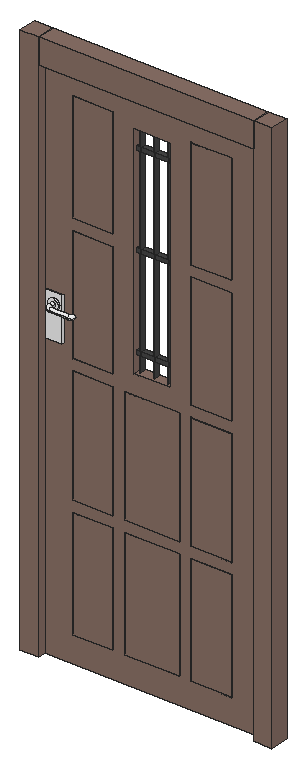
Revit family "DTI_A3-BSQTZMSOHS", category Doors, host Wall, Revit 2016
Family settings
  Host = Wall
  OmniClass Number = 23.30.10.00
  OmniClass Title = Doors
  Always vertical = Yes
  Cut with Voids When Loaded = No
  Shared = No
  Room Calculation Point = No
Parameters (values of type "BSQTZMSOHS")
  URL = "www.swartland.co.za"
  Rough Width = 923 mm
  Rough Height = 2165 mm
  Model = "BSQTZMSOHS"
  Manufacturer = "Swartland Doors & Windows"
  Function = Exterior
  Frame Width = 70 mm
  Height = 2052 mm
  Wall Closure = By host
  Width = Door Width + (Frame Width * 2)  # 953 mm
  Frame Depth = 70 mm
  Door Width = 813 mm
  Door Material = Meranti
  Door Height = 2032 mm
  Door Frame Material = Meranti
  Description = "Quartz Half Security BSQTZMSOHS"
  Cill Height = 50 mm
  Assembly Code = ""
Reference planes
  plane 1 "Centre (Front/Back)": y = 0
  plane 2 "Center (Left/Right)": x = 0
  plane 3 "Left": x = -476.5
  plane 4 "Right": x = 476.5
  plane 5: z = 2102
  plane 6 "Exterior": y = 75
  plane 7 "Interior": y = -75
  plane 8 "Frame Interior": y = -35
  plane 9 "Frame exterior": y = 35
  plane 10: z = 2032
  plane 11: x = 406.5
  plane 12: x = -406.5
  plane 13 "Centre of door": y = 15
  plane 14 "Door Face Interior": y = -5
Forms (mm)
  Extrusion 1, solid, material "Meranti" <- "Door Frame Material"
    sketch origin (0, 0, 50) x (1, 0, 0) y (0, 1, 0)
      loop
        line (-476.5, 35) -> (-476.5, -35) -> (-406.5, -35) -> (-406.5, 35) -> (-476.5, 35)
    from -50 to 2052 <- "Height"
  Extrusion 2, solid, material "Meranti" <- "Door Frame Material"
    sketch origin (0, 0, 50) x (-1, 0, 0) y (0, -1, 0)
      loop
        line (-476.5, -35) -> (-406.5, -35) -> (-406.5, 35) -> (-476.5, 35) -> (-476.5, -35)
    from -50 to 2052 <- "Height"
  Extrusion 3, solid, material "Meranti" <- "Door Frame Material"
    sketch origin (0, 0, 0) x (0, 1, 0) y (0, 0, 1)
      loop
        line (35, 2102) -> (-35, 2102) -> (-35, 2007) -> (-5, 2007) -> (-5, 2032) -> (35, 2032) -> (35, 2102)
    from 406.5 to -406.5
  Extrusion 4, solid, material "Meranti" <- "Door Material"
    sketch origin (0, 35, 0) x (0, 0, -1) y (-1, 0, 0)
      loop
        line (-2032, -406.5) -> (0, -406.5) -> (0, 406.5) -> (-2032, 406.5) -> (-2032, -406.5)
    from 0 to -40
  Extrusion 5, void
    sketch origin (0, 35, 0) x (0, 0, -1) y (-1, 0, 0)
      loop
        line (-1897, -70.5) -> (-1065.428, -70.5) -> (-1065.428, 70.5) -> (-1897, 70.5) -> (-1897, -70.5)
    from 0 to -40
  Extrusion 6, solid, material "Steel"
    sketch origin (0, 35, 0) x (0, 0, -1) y (-1, 0, 0)
      loop
        line (-1473.714, -70.5) -> (-1473.714, 70.5) -> (-1488.714, 70.5) -> (-1488.714, -70.5) -> (-1473.714, -70.5)
    from -10 to -30
  Extrusion 7, solid, material "Steel"
    sketch origin (0, 35, 346.366) x (0, 0, -1) y (-1, 0, 0)
      loop
        line (-1473.714, -70.5) -> (-1473.714, 70.5) -> (-1488.714, 70.5) -> (-1488.714, -70.5) -> (-1473.714, -70.5)
    from -10 to -30
  Extrusion 8, solid, material "Steel"
    sketch origin (0, 35, -346.366) x (0, 0, -1) y (-1, 0, 0)
      loop
        line (-1473.714, -70.5) -> (-1473.714, 70.5) -> (-1488.714, 70.5) -> (-1488.714, -70.5) -> (-1473.714, -70.5)
    from -10 to -30
  Extrusion 9, solid, material "Steel"
    sketch origin (0, 35, 0) x (0, 0, -1) y (-1, 0, 0)
      loop
        line (-1892.098, -55.5) -> (-1069.796, -55.5) -> (-1069.796, -50.5) -> (-1892.098, -50.5) -> (-1892.098, -55.5)
    from -10 to -30
  Extrusion 10, solid, material "Steel"
    sketch origin (-53, 35, 0) x (0, 0, -1) y (-1, 0, 0)
      loop
        line (-1892.098, -55.5) -> (-1069.796, -55.5) -> (-1069.796, -50.5) -> (-1892.098, -50.5) -> (-1892.098, -55.5)
    from -10 to -30
  Extrusion 11, solid, material "Steel"
    sketch origin (-106, 35, 0) x (0, 0, -1) y (-1, 0, 0)
      loop
        line (-1892.098, -55.5) -> (-1069.796, -55.5) -> (-1069.796, -50.5) -> (-1892.098, -50.5) -> (-1892.098, -55.5)
    from -10 to -30
  Extrusion 12, void
    sketch origin (0, 35, 0) x (0, 0, -1) y (-1, 0, 0)
      loop
        line (-1509.72, -302.33) -> (-1509.72, -145.53) -> (-1926.875, -145.53) -> (-1926.875, -302.33) -> (-1509.72, -302.33)
      loop
        line (-1511.68, -300.474) -> (-1511.68, -147.49) -> (-1924.915, -147.49) -> (-1924.915, -300.474) -> (-1511.68, -300.474)
    from 0 to -3
  Extrusion 13, void
    sketch origin (-447.86, 35, 0) x (0, 0, -1) y (-1, 0, 0)
      loop
        line (-1509.72, -302.33) -> (-1509.72, -145.53) -> (-1926.875, -145.53) -> (-1926.875, -302.33) -> (-1509.72, -302.33)
      loop
        line (-1511.68, -300.474) -> (-1511.68, -147.49) -> (-1924.915, -147.49) -> (-1924.915, -300.474) -> (-1511.68, -300.474)
    from 0 to -3
  Extrusion 14, void
    sketch origin (0, 35, -457.155) x (0, 0, -1) y (-1, 0, 0)
      loop
        line (-1491.72, -302.33) -> (-1491.72, -145.53) -> (-1926.875, -145.53) -> (-1926.875, -302.33) -> (-1491.72, -302.33)
      loop
        line (-1493.68, -300.474) -> (-1493.68, -147.49) -> (-1924.915, -147.49) -> (-1924.915, -300.474) -> (-1493.68, -300.474)
    from 0 to -3
  Extrusion 15, void
    sketch origin (-447.86, 35, -457.155) x (0, 0, -1) y (-1, 0, 0)
      loop
        line (-1491.72, -302.33) -> (-1491.72, -145.53) -> (-1926.875, -145.53) -> (-1926.875, -302.33) -> (-1491.72, -302.33)
      loop
        line (-1493.68, -300.474) -> (-1493.68, -147.49) -> (-1924.915, -147.49) -> (-1924.915, -300.474) -> (-1493.68, -300.474)
    from 0 to -3
  Extrusion 16, void
    sketch origin (-447.86, 35, -932.311) x (0, 0, -1) y (-1, 0, 0)
      loop
        line (-1487.72, -302.33) -> (-1487.72, -145.53) -> (-1926.875, -145.53) -> (-1926.875, -302.33) -> (-1487.72, -302.33)
      loop
        line (-1489.68, -300.474) -> (-1489.68, -147.49) -> (-1924.915, -147.49) -> (-1924.915, -300.474) -> (-1489.68, -300.474)
    from 0 to -3
  Extrusion 17, void
    sketch origin (0, 35, -932.311) x (0, 0, -1) y (-1, 0, 0)
      loop
        line (-1487.72, -302.33) -> (-1487.72, -145.53) -> (-1926.875, -145.53) -> (-1926.875, -302.33) -> (-1487.72, -302.33)
      loop
        line (-1489.68, -300.474) -> (-1489.68, -147.49) -> (-1924.915, -147.49) -> (-1924.915, -300.474) -> (-1489.68, -300.474)
    from 0 to -3
  Extrusion 18, void
    sketch origin (-251.06, 35, -932.311) x (0, 0, -1) y (-1, 0, 0)
      loop
        line (-1487.72, -356.59) -> (-1487.72, -145.53) -> (-1926.875, -145.53) -> (-1926.875, -356.59) -> (-1487.72, -356.59)
      loop
        line (-1489.68, -354.63) -> (-1489.68, -147.49) -> (-1924.915, -147.49) -> (-1924.915, -354.63) -> (-1489.68, -354.63)
    from 0 to -3
  Extrusion 19, void
    sketch origin (0, 35, -1411.466) x (0, 0, -1) y (-1, 0, 0)
      loop
        line (-1509.72, -302.33) -> (-1509.72, -145.53) -> (-1926.875, -145.53) -> (-1926.875, -302.33) -> (-1509.72, -302.33)
      loop
        line (-1511.68, -300.474) -> (-1511.68, -147.49) -> (-1924.915, -147.49) -> (-1924.915, -300.474) -> (-1511.68, -300.474)
    from 0 to -3
  Extrusion 20, void
    sketch origin (-447.86, 35, -1411.466) x (0, 0, -1) y (-1, 0, 0)
      loop
        line (-1509.72, -302.33) -> (-1509.72, -145.53) -> (-1926.875, -145.53) -> (-1926.875, -302.33) -> (-1509.72, -302.33)
      loop
        line (-1511.68, -300.474) -> (-1511.68, -147.49) -> (-1924.915, -147.49) -> (-1924.915, -300.474) -> (-1511.68, -300.474)
    from 0 to -3
  Extrusion 21, void
    sketch origin (-251.06, 35, -1411.466) x (0, 0, -1) y (-1, 0, 0)
      loop
        line (-1509.72, -356.59) -> (-1509.72, -145.53) -> (-1926.875, -145.53) -> (-1926.875, -356.59) -> (-1509.72, -356.59)
      loop
        line (-1511.68, -354.63) -> (-1511.68, -147.49) -> (-1924.915, -147.49) -> (-1924.915, -354.63) -> (-1511.68, -354.63)
    from 0 to -3
  Extrusion 22, void
    sketch origin (0, -5, 0) x (-1, 0, 0) y (0, 0, 1)
      loop
        line (-302.33, 1509.72) -> (-145.53, 1509.72) -> (-145.53, 1926.875) -> (-302.33, 1926.875) -> (-302.33, 1509.72)
      loop
        line (-300.474, 1511.68) -> (-147.49, 1511.68) -> (-147.49, 1924.915) -> (-300.474, 1924.915) -> (-300.474, 1511.68)
    from 3 to 0
  Extrusion 23, void
    sketch origin (0, -5, 0) x (-1, 0, 0) y (0, 0, 1)
      loop
        line (145.53, 1509.72) -> (302.33, 1509.72) -> (302.33, 1926.875) -> (145.53, 1926.875) -> (145.53, 1509.72)
      loop
        line (147.386, 1511.68) -> (300.37, 1511.68) -> (300.37, 1924.915) -> (147.386, 1924.915) -> (147.386, 1511.68)
    from 3 to 0
  Extrusion 24, void
    sketch origin (0, -5, 0) x (-1, 0, 0) y (0, 0, 1)
      loop
        line (-302.33, 1034.564) -> (-145.53, 1034.564) -> (-145.53, 1469.72) -> (-302.33, 1469.72) -> (-302.33, 1034.564)
      loop
        line (-300.474, 1036.524) -> (-147.49, 1036.524) -> (-147.49, 1467.76) -> (-300.474, 1467.76) -> (-300.474, 1036.524)
    from 3 to 0
  Extrusion 25, void
    sketch origin (0, -5, 0) x (-1, 0, 0) y (0, 0, 1)
      loop
        line (145.53, 1034.564) -> (302.33, 1034.564) -> (302.33, 1469.72) -> (145.53, 1469.72) -> (145.53, 1034.564)
      loop
        line (147.386, 1036.524) -> (300.37, 1036.524) -> (300.37, 1467.76) -> (147.386, 1467.76) -> (147.386, 1036.524)
    from 3 to 0
  Extrusion 26, void
    sketch origin (0, -5, 0) x (-1, 0, 0) y (0, 0, 1)
      loop
        line (145.53, 555.409) -> (302.33, 555.409) -> (302.33, 994.564) -> (145.53, 994.564) -> (145.53, 555.409)
      loop
        line (147.386, 557.369) -> (300.37, 557.369) -> (300.37, 992.604) -> (147.386, 992.604) -> (147.386, 557.369)
    from 3 to 0
  Extrusion 27, void
    sketch origin (0, -5, 0) x (-1, 0, 0) y (0, 0, 1)
      loop
        line (-302.33, 555.409) -> (-145.53, 555.409) -> (-145.53, 994.564) -> (-302.33, 994.564) -> (-302.33, 555.409)
      loop
        line (-300.474, 557.369) -> (-147.49, 557.369) -> (-147.49, 992.604) -> (-300.474, 992.604) -> (-300.474, 557.369)
    from 3 to 0
  Extrusion 28, void
    sketch origin (0, -5, 0) x (-1, 0, 0) y (0, 0, 1)
      loop
        line (-105.53, 555.409) -> (105.53, 555.409) -> (105.53, 994.564) -> (-105.53, 994.564) -> (-105.53, 555.409)
      loop
        line (-103.57, 557.369) -> (103.57, 557.369) -> (103.57, 992.604) -> (-103.57, 992.604) -> (-103.57, 557.369)
    from 3 to 0
  Extrusion 29, void
    sketch origin (0, -5, 0) x (-1, 0, 0) y (0, 0, 1)
      loop
        line (-302.33, 98.254) -> (-145.53, 98.254) -> (-145.53, 515.409) -> (-302.33, 515.409) -> (-302.33, 98.254)
      loop
        line (-300.474, 100.214) -> (-147.49, 100.214) -> (-147.49, 513.449) -> (-300.474, 513.449) -> (-300.474, 100.214)
    from 3 to 0
  Extrusion 30, void
    sketch origin (0, -5, 0) x (-1, 0, 0) y (0, 0, 1)
      loop
        line (145.53, 98.254) -> (302.33, 98.254) -> (302.33, 515.409) -> (145.53, 515.409) -> (145.53, 98.254)
      loop
        line (147.386, 100.214) -> (300.37, 100.214) -> (300.37, 513.449) -> (147.386, 513.449) -> (147.386, 100.214)
    from 3 to 0
  Extrusion 31, void
    sketch origin (0, -5, 0) x (-1, 0, 0) y (0, 0, 1)
      loop
        line (-105.53, 98.254) -> (105.53, 98.254) -> (105.53, 515.409) -> (-105.53, 515.409) -> (-105.53, 98.254)
      loop
        line (-103.57, 100.214) -> (103.57, 100.214) -> (103.57, 513.449) -> (-103.57, 513.449) -> (-103.57, 100.214)
    from 3 to 0
Cuts and joins
  Extrusion 5, Extrusion 12, Extrusion 13, Extrusion 14, Extrusion 15, Extrusion 16, Extrusion 17, Extrusion 18, Extrusion 19, Extrusion 20, Extrusion 21, Extrusion 22, Extrusion 23, Extrusion 24, Extrusion 25, Extrusion 26, Extrusion 27, Extrusion 28, Extrusion 29, Extrusion 30, Extrusion 31 cuts Extrusion 4
Lines and regions (mm)
  Opening 1
    outline origin (-3050, -75, 0) x (1, 0, 0) y (0, 0, 1)
      loop
        line (2573.5, 0) -> (3526.5, 0) -> (3526.5, 2102) -> (2573.5, 2102) -> (2573.5, 0)
  symbolic lines
    curve 1: line (406.5, -35, 0) -> (406.5, -848, 0)
    curve 2: arc (406.5, -848, 0) -> (-168.378, -609.878, 0) -> (-406.5, -35, 0) r 813
  symbolic lines, style "Elevation Swing"
    curve 3: line (376.5, 75, 50) -> (-406.5, 75, 1016)
    curve 4: line (-406.5, 75, 1016) -> (376.5, 75, 2032)
  model lines
    curve 5: line (406.5, 35, 0) -> (-406.5, 35, 0)
  model lines, style "Embossed carving"
    curve 6: arc (223.027, -5, 1907.002) -> (223.704, -5, 1907.934) -> (224.066, -5, 1909.028) r 3.748
    curve 7: arc (224.066, -5, 1909.028) -> (225.529, -5, 1907.096) -> (227.934, -5, 1906.795) r 3.118
    curve 8: arc (227.934, -5, 1906.795) -> (227.874, -5, 1905.323) -> (227.19, -5, 1904.018) r 3.36
    curve 9: arc (227.19, -5, 1904.018) -> (230.981, -5, 1902.707) -> (233.503, -5, 1905.828) r 3.491
    curve 10: arc (233.503, -5, 1905.828) -> (240.332, -5, 1903.642) -> (247.162, -5, 1905.828) r 11.764
    curve 11: arc (247.162, -5, 1905.828) -> (245.379, -5, 1903.524) -> (243.076, -5, 1901.741) r 11.531
    curve 12: arc (243.076, -5, 1901.741) -> (246.158, -5, 1900.751) -> (248.48, -5, 1898.494) r 7.098
    curve 13: arc (248.48, -5, 1898.494) -> (246.972, -5, 1895.731) -> (243.926, -5, 1894.936) r 3.966
    curve 14: arc (243.926, -5, 1894.936) -> (248.23, -5, 1886.02) -> (250.664, -5, 1876.423) r 49.267
    curve 15: arc (250.664, -5, 1876.423) -> (248.905, -5, 1866.202) -> (241.415, -5, 1859.028) r 16.574
    curve 16: arc (241.415, -5, 1859.028) -> (248.905, -5, 1851.853) -> (250.664, -5, 1841.632) r 16.574
    curve 17: arc (250.664, -5, 1841.632) -> (248.23, -5, 1832.035) -> (243.926, -5, 1823.119) r 49.267
    curve 18: arc (243.926, -5, 1823.119) -> (246.972, -5, 1822.324) -> (248.48, -5, 1819.561) r 3.966
    curve 19: arc (248.48, -5, 1819.561) -> (246.158, -5, 1817.305) -> (243.076, -5, 1816.314) r 7.098
    curve 20: arc (243.076, -5, 1816.314) -> (245.379, -5, 1814.531) -> (247.162, -5, 1812.227) r 11.531
    curve 21: arc (247.162, -5, 1812.227) -> (240.332, -5, 1814.413) -> (233.503, -5, 1812.227) r 11.764
    curve 22: arc (233.503, -5, 1812.227) -> (230.981, -5, 1815.348) -> (227.19, -5, 1814.038) r 3.491
    curve 23: arc (227.19, -5, 1814.038) -> (227.874, -5, 1812.733) -> (227.934, -5, 1811.26) r 3.36
    curve 24: arc (227.934, -5, 1811.26) -> (225.529, -5, 1810.959) -> (224.066, -5, 1809.028) r 3.118
    curve 25: arc (224.066, -5, 1809.028) -> (223.704, -5, 1810.121) -> (223.027, -5, 1811.053) r 3.748
    curve 26: arc (223.027, -5, 1907.002) -> (222.349, -5, 1907.934) -> (221.987, -5, 1909.028) r 3.748
    curve 27: arc (221.987, -5, 1909.028) -> (220.524, -5, 1907.096) -> (218.12, -5, 1906.795) r 3.118
    curve 28: arc (218.12, -5, 1906.795) -> (218.18, -5, 1905.323) -> (218.864, -5, 1904.018) r 3.36
    curve 29: arc (218.864, -5, 1904.018) -> (215.072, -5, 1902.707) -> (212.551, -5, 1905.828) r 3.491
    curve 30: arc (212.551, -5, 1905.828) -> (205.721, -5, 1903.642) -> (198.891, -5, 1905.828) r 11.764
    curve 31: arc (198.891, -5, 1905.828) -> (200.674, -5, 1903.524) -> (202.978, -5, 1901.741) r 11.531
    curve 32: arc (202.978, -5, 1901.741) -> (199.895, -5, 1900.751) -> (197.574, -5, 1898.494) r 7.098
    curve 33: arc (197.574, -5, 1898.494) -> (199.082, -5, 1895.731) -> (202.128, -5, 1894.936) r 3.966
    curve 34: arc (202.128, -5, 1894.936) -> (197.824, -5, 1886.02) -> (195.389, -5, 1876.423) r 49.267
    curve 35: arc (195.389, -5, 1876.423) -> (197.149, -5, 1866.202) -> (204.639, -5, 1859.028) r 16.574
    curve 36: arc (204.639, -5, 1859.028) -> (197.149, -5, 1851.853) -> (195.389, -5, 1841.632) r 16.574
    curve 37: arc (195.389, -5, 1841.632) -> (197.824, -5, 1832.035) -> (202.128, -5, 1823.119) r 49.267
    curve 38: arc (202.128, -5, 1823.119) -> (199.082, -5, 1822.324) -> (197.574, -5, 1819.561) r 3.966
    curve 39: arc (197.574, -5, 1819.561) -> (199.895, -5, 1817.305) -> (202.978, -5, 1816.314) r 7.098
    curve 40: arc (202.978, -5, 1816.314) -> (200.674, -5, 1814.531) -> (198.891, -5, 1812.227) r 11.531
    curve 41: arc (198.891, -5, 1812.227) -> (205.721, -5, 1814.413) -> (212.551, -5, 1812.227) r 11.764
    curve 42: arc (212.551, -5, 1812.227) -> (215.072, -5, 1815.348) -> (218.864, -5, 1814.038) r 3.491
    curve 43: arc (218.864, -5, 1814.038) -> (218.18, -5, 1812.733) -> (218.12, -5, 1811.26) r 3.36
    curve 44: arc (218.12, -5, 1811.26) -> (220.524, -5, 1810.959) -> (221.987, -5, 1809.028) r 3.118
    curve 45: arc (221.987, -5, 1809.028) -> (222.349, -5, 1810.121) -> (223.027, -5, 1811.053) r 3.748
    curve 86: arc (223.027, 35, 1763.398) -> (223.704, 35, 1764.33) -> (224.066, 35, 1765.424) r 3.748
    curve 87: arc (224.066, 35, 1765.424) -> (225.529, 35, 1763.492) -> (227.934, 35, 1763.191) r 3.118
    curve 88: arc (227.934, 35, 1763.191) -> (227.874, 35, 1761.719) -> (227.19, 35, 1760.414) r 3.36
    curve 89: arc (227.19, 35, 1760.414) -> (230.981, 35, 1759.103) -> (233.503, 35, 1762.224) r 3.491
    curve 90: arc (233.503, 35, 1762.224) -> (240.332, 35, 1760.038) -> (247.162, 35, 1762.224) r 11.764
    curve 91: arc (247.162, 35, 1762.224) -> (245.379, 35, 1759.92) -> (243.076, 35, 1758.137) r 11.531
    curve 92: arc (243.076, 35, 1758.137) -> (246.158, 35, 1757.147) -> (248.48, 35, 1754.89) r 7.098
    curve 93: arc (248.48, 35, 1754.89) -> (246.972, 35, 1752.127) -> (243.926, 35, 1751.332) r 3.966
    curve 94: arc (243.926, 35, 1751.332) -> (248.23, 35, 1742.416) -> (250.664, 35, 1732.819) r 49.267
    curve 95: arc (250.664, 35, 1732.819) -> (248.905, 35, 1722.598) -> (241.415, 35, 1715.424) r 16.574
    curve 96: arc (241.415, 35, 1715.424) -> (248.905, 35, 1708.249) -> (250.664, 35, 1698.028) r 16.574
    curve 97: arc (250.664, 35, 1698.028) -> (248.23, 35, 1688.431) -> (243.926, 35, 1679.515) r 49.267
    curve 98: arc (243.926, 35, 1679.515) -> (246.972, 35, 1678.72) -> (248.48, 35, 1675.957) r 3.966
    curve 99: arc (248.48, 35, 1675.957) -> (246.158, 35, 1673.701) -> (243.076, 35, 1672.71) r 7.098
    curve 100: arc (243.076, 35, 1672.71) -> (245.379, 35, 1670.927) -> (247.162, 35, 1668.623) r 11.531
    curve 101: arc (247.162, 35, 1668.623) -> (240.332, 35, 1670.809) -> (233.503, 35, 1668.623) r 11.764
    curve 102: arc (233.503, 35, 1668.623) -> (230.981, 35, 1671.744) -> (227.19, 35, 1670.434) r 3.491
    curve 103: arc (227.19, 35, 1670.434) -> (227.874, 35, 1669.129) -> (227.934, 35, 1667.656) r 3.36
    curve 104: arc (227.934, 35, 1667.656) -> (225.529, 35, 1667.355) -> (224.066, 35, 1665.424) r 3.118
    curve 105: arc (224.066, 35, 1665.424) -> (223.704, 35, 1666.517) -> (223.027, 35, 1667.449) r 3.748
    curve 106: arc (223.027, 35, 1763.398) -> (222.349, 35, 1764.33) -> (221.987, 35, 1765.424) r 3.748
    curve 107: arc (221.987, 35, 1765.424) -> (220.524, 35, 1763.492) -> (218.12, 35, 1763.191) r 3.118
    curve 108: arc (218.12, 35, 1763.191) -> (218.18, 35, 1761.719) -> (218.864, 35, 1760.414) r 3.36
    curve 109: arc (218.864, 35, 1760.414) -> (215.072, 35, 1759.103) -> (212.551, 35, 1762.224) r 3.491
    curve 110: arc (212.551, 35, 1762.224) -> (205.721, 35, 1760.038) -> (198.891, 35, 1762.224) r 11.764
    curve 111: arc (198.891, 35, 1762.224) -> (200.674, 35, 1759.92) -> (202.978, 35, 1758.137) r 11.531
    curve 112: arc (202.978, 35, 1758.137) -> (199.895, 35, 1757.147) -> (197.574, 35, 1754.89) r 7.098
    curve 113: arc (197.574, 35, 1754.89) -> (199.082, 35, 1752.127) -> (202.128, 35, 1751.332) r 3.966
    curve 114: arc (202.128, 35, 1751.332) -> (197.824, 35, 1742.416) -> (195.389, 35, 1732.819) r 49.267
    curve 115: arc (195.389, 35, 1732.819) -> (197.149, 35, 1722.598) -> (204.639, 35, 1715.424) r 16.574
    curve 116: arc (204.639, 35, 1715.424) -> (197.149, 35, 1708.249) -> (195.389, 35, 1698.028) r 16.574
    curve 117: arc (195.389, 35, 1698.028) -> (197.824, 35, 1688.431) -> (202.128, 35, 1679.515) r 49.267
    curve 118: arc (202.128, 35, 1679.515) -> (199.082, 35, 1678.72) -> (197.574, 35, 1675.957) r 3.966
    curve 119: arc (197.574, 35, 1675.957) -> (199.895, 35, 1673.701) -> (202.978, 35, 1672.71) r 7.098
    curve 120: arc (202.978, 35, 1672.71) -> (200.674, 35, 1670.927) -> (198.891, 35, 1668.623) r 11.531
    curve 121: arc (198.891, 35, 1668.623) -> (205.721, 35, 1670.809) -> (212.551, 35, 1668.623) r 11.764
    curve 122: arc (212.551, 35, 1668.623) -> (215.072, 35, 1671.744) -> (218.864, 35, 1670.434) r 3.491
    curve 123: arc (218.864, 35, 1670.434) -> (218.18, 35, 1669.129) -> (218.12, 35, 1667.656) r 3.36
    curve 124: arc (218.12, 35, 1667.656) -> (220.524, 35, 1667.355) -> (221.987, 35, 1665.424) r 3.118
    curve 125: arc (221.987, 35, 1665.424) -> (222.349, 35, 1666.517) -> (223.027, 35, 1667.449) r 3.748
    curve 126: arc (223.027, 35, 1622.002) -> (223.704, 35, 1622.934) -> (224.066, 35, 1624.028) r 3.748
    curve 127: arc (224.066, 35, 1624.028) -> (225.529, 35, 1622.096) -> (227.934, 35, 1621.795) r 3.118
    curve 128: arc (227.934, 35, 1621.795) -> (227.874, 35, 1620.323) -> (227.19, 35, 1619.018) r 3.36
    curve 129: arc (227.19, 35, 1619.018) -> (230.981, 35, 1617.707) -> (233.503, 35, 1620.828) r 3.491
    curve 130: arc (233.503, 35, 1620.828) -> (240.332, 35, 1618.642) -> (247.162, 35, 1620.828) r 11.764
    curve 131: arc (247.162, 35, 1620.828) -> (245.379, 35, 1618.524) -> (243.076, 35, 1616.741) r 11.531
    curve 132: arc (243.076, 35, 1616.741) -> (246.158, 35, 1615.751) -> (248.48, 35, 1613.494) r 7.098
    curve 133: arc (248.48, 35, 1613.494) -> (246.972, 35, 1610.731) -> (243.926, 35, 1609.936) r 3.966
    curve 134: arc (243.926, 35, 1609.936) -> (248.23, 35, 1601.02) -> (250.664, 35, 1591.423) r 49.267
    curve 135: arc (250.664, 35, 1591.423) -> (248.905, 35, 1581.202) -> (241.415, 35, 1574.028) r 16.574
    curve 136: arc (241.415, 35, 1574.028) -> (248.905, 35, 1566.853) -> (250.664, 35, 1556.632) r 16.574
    curve 137: arc (250.664, 35, 1556.632) -> (248.23, 35, 1547.035) -> (243.926, 35, 1538.119) r 49.267
    curve 138: arc (243.926, 35, 1538.119) -> (246.972, 35, 1537.324) -> (248.48, 35, 1534.561) r 3.966
    curve 139: arc (248.48, 35, 1534.561) -> (246.158, 35, 1532.305) -> (243.076, 35, 1531.314) r 7.098
    curve 140: arc (243.076, 35, 1531.314) -> (245.379, 35, 1529.531) -> (247.162, 35, 1527.227) r 11.531
    curve 141: arc (247.162, 35, 1527.227) -> (240.332, 35, 1529.413) -> (233.503, 35, 1527.227) r 11.764
    curve 142: arc (233.503, 35, 1527.227) -> (230.981, 35, 1530.348) -> (227.19, 35, 1529.038) r 3.491
    curve 143: arc (227.19, 35, 1529.038) -> (227.874, 35, 1527.733) -> (227.934, 35, 1526.26) r 3.36
    curve 144: arc (227.934, 35, 1526.26) -> (225.529, 35, 1525.959) -> (224.066, 35, 1524.028) r 3.118
    curve 145: arc (224.066, 35, 1524.028) -> (223.704, 35, 1525.121) -> (223.027, 35, 1526.053) r 3.748
    curve 146: arc (223.027, 35, 1622.002) -> (222.349, 35, 1622.934) -> (221.987, 35, 1624.028) r 3.748
    curve 147: arc (221.987, 35, 1624.028) -> (220.524, 35, 1622.096) -> (218.12, 35, 1621.795) r 3.118
    curve 148: arc (218.12, 35, 1621.795) -> (218.18, 35, 1620.323) -> (218.864, 35, 1619.018) r 3.36
    curve 149: arc (218.864, 35, 1619.018) -> (215.072, 35, 1617.707) -> (212.551, 35, 1620.828) r 3.491
    curve 150: arc (212.551, 35, 1620.828) -> (205.721, 35, 1618.642) -> (198.891, 35, 1620.828) r 11.764
    curve 151: arc (198.891, 35, 1620.828) -> (200.674, 35, 1618.524) -> (202.978, 35, 1616.741) r 11.531
    curve 152: arc (202.978, 35, 1616.741) -> (199.895, 35, 1615.751) -> (197.574, 35, 1613.494) r 7.098
    curve 153: arc (197.574, 35, 1613.494) -> (199.082, 35, 1610.731) -> (202.128, 35, 1609.936) r 3.966
    curve 154: arc (202.128, 35, 1609.936) -> (197.824, 35, 1601.02) -> (195.389, 35, 1591.423) r 49.267
    curve 155: arc (195.389, 35, 1591.423) -> (197.149, 35, 1581.202) -> (204.639, 35, 1574.028) r 16.574
    curve 156: arc (204.639, 35, 1574.028) -> (197.149, 35, 1566.853) -> (195.389, 35, 1556.632) r 16.574
    curve 157: arc (195.389, 35, 1556.632) -> (197.824, 35, 1547.035) -> (202.128, 35, 1538.119) r 49.267
    curve 158: arc (202.128, 35, 1538.119) -> (199.082, 35, 1537.324) -> (197.574, 35, 1534.561) r 3.966
    curve 159: arc (197.574, 35, 1534.561) -> (199.895, 35, 1532.305) -> (202.978, 35, 1531.314) r 7.098
    curve 160: arc (202.978, 35, 1531.314) -> (200.674, 35, 1529.531) -> (198.891, 35, 1527.227) r 11.531
    curve 161: arc (198.891, 35, 1527.227) -> (205.721, 35, 1529.413) -> (212.551, 35, 1527.227) r 11.764
    curve 162: arc (212.551, 35, 1527.227) -> (215.072, 35, 1530.348) -> (218.864, 35, 1529.038) r 3.491
    curve 163: arc (218.864, 35, 1529.038) -> (218.18, 35, 1527.733) -> (218.12, 35, 1526.26) r 3.36
    curve 164: arc (218.12, 35, 1526.26) -> (220.524, 35, 1525.959) -> (221.987, 35, 1524.028) r 3.118
    curve 165: arc (221.987, 35, 1524.028) -> (222.349, 35, 1525.121) -> (223.027, 35, 1526.053) r 3.748
    curve 166: arc (223.027, 35, 1435.672) -> (223.704, 35, 1436.604) -> (224.066, 35, 1437.698) r 3.748
    curve 167: arc (224.066, 35, 1437.698) -> (225.529, 35, 1435.766) -> (227.934, 35, 1435.465) r 3.118
    curve 168: arc (227.934, 35, 1435.465) -> (227.874, 35, 1433.993) -> (227.19, 35, 1432.688) r 3.36
    curve 169: arc (227.19, 35, 1432.688) -> (230.981, 35, 1431.377) -> (233.503, 35, 1434.498) r 3.491
    curve 170: arc (233.503, 35, 1434.498) -> (240.332, 35, 1432.312) -> (247.162, 35, 1434.498) r 11.764
    curve 171: arc (247.162, 35, 1434.498) -> (245.379, 35, 1432.194) -> (243.076, 35, 1430.411) r 11.531
    curve 172: arc (243.076, 35, 1430.411) -> (246.158, 35, 1429.421) -> (248.48, 35, 1427.164) r 7.098
    curve 173: arc (248.48, 35, 1427.164) -> (246.972, 35, 1424.401) -> (243.926, 35, 1423.606) r 3.966
    curve 174: arc (243.926, 35, 1423.606) -> (248.23, 35, 1414.69) -> (250.664, 35, 1405.093) r 49.267
    curve 175: arc (250.664, 35, 1405.093) -> (248.905, 35, 1394.872) -> (241.415, 35, 1387.698) r 16.574
    curve 176: arc (241.415, 35, 1387.698) -> (248.905, 35, 1380.523) -> (250.664, 35, 1370.302) r 16.574
    curve 177: arc (250.664, 35, 1370.302) -> (248.23, 35, 1360.705) -> (243.926, 35, 1351.789) r 49.267
    curve 178: arc (243.926, 35, 1351.789) -> (246.972, 35, 1350.994) -> (248.48, 35, 1348.231) r 3.966
    curve 179: arc (248.48, 35, 1348.231) -> (246.158, 35, 1345.974) -> (243.076, 35, 1344.984) r 7.098
    curve 180: arc (243.076, 35, 1344.984) -> (245.379, 35, 1343.201) -> (247.162, 35, 1340.897) r 11.531
    curve 181: arc (247.162, 35, 1340.897) -> (240.332, 35, 1343.083) -> (233.503, 35, 1340.897) r 11.764
    curve 182: arc (233.503, 35, 1340.897) -> (230.981, 35, 1344.018) -> (227.19, 35, 1342.708) r 3.491
    curve 183: arc (227.19, 35, 1342.708) -> (227.874, 35, 1341.403) -> (227.934, 35, 1339.93) r 3.36
    curve 184: arc (227.934, 35, 1339.93) -> (225.529, 35, 1339.629) -> (224.066, 35, 1337.698) r 3.118
    curve 185: arc (224.066, 35, 1337.698) -> (223.704, 35, 1338.791) -> (223.027, 35, 1339.723) r 3.748
    curve 186: arc (223.027, 35, 1435.672) -> (222.349, 35, 1436.604) -> (221.987, 35, 1437.698) r 3.748
    curve 187: arc (221.987, 35, 1437.698) -> (220.524, 35, 1435.766) -> (218.12, 35, 1435.465) r 3.118
    curve 188: arc (218.12, 35, 1435.465) -> (218.18, 35, 1433.993) -> (218.864, 35, 1432.688) r 3.36
    curve 189: arc (218.864, 35, 1432.688) -> (215.072, 35, 1431.377) -> (212.551, 35, 1434.498) r 3.491
    curve 190: arc (212.551, 35, 1434.498) -> (205.721, 35, 1432.312) -> (198.891, 35, 1434.498) r 11.764
    curve 191: arc (198.891, 35, 1434.498) -> (200.674, 35, 1432.194) -> (202.978, 35, 1430.411) r 11.531
    curve 192: arc (202.978, 35, 1430.411) -> (199.895, 35, 1429.421) -> (197.574, 35, 1427.164) r 7.098
    curve 193: arc (197.574, 35, 1427.164) -> (199.082, 35, 1424.401) -> (202.128, 35, 1423.606) r 3.966
    curve 194: arc (202.128, 35, 1423.606) -> (197.824, 35, 1414.69) -> (195.389, 35, 1405.093) r 49.267
    curve 195: arc (195.389, 35, 1405.093) -> (197.149, 35, 1394.872) -> (204.639, 35, 1387.698) r 16.574
    curve 196: arc (204.639, 35, 1387.698) -> (197.149, 35, 1380.523) -> (195.389, 35, 1370.302) r 16.574
    curve 197: arc (195.389, 35, 1370.302) -> (197.824, 35, 1360.705) -> (202.128, 35, 1351.789) r 49.267
    curve 198: arc (202.128, 35, 1351.789) -> (199.082, 35, 1350.994) -> (197.574, 35, 1348.231) r 3.966
    curve 199: arc (197.574, 35, 1348.231) -> (199.895, 35, 1345.974) -> (202.978, 35, 1344.984) r 7.098
    curve 200: arc (202.978, 35, 1344.984) -> (200.674, 35, 1343.201) -> (198.891, 35, 1340.897) r 11.531
    curve 201: arc (198.891, 35, 1340.897) -> (205.721, 35, 1343.083) -> (212.551, 35, 1340.897) r 11.764
    curve 202: arc (212.551, 35, 1340.897) -> (215.072, 35, 1344.018) -> (218.864, 35, 1342.708) r 3.491
    curve 203: arc (218.864, 35, 1342.708) -> (218.18, 35, 1341.403) -> (218.12, 35, 1339.93) r 3.36
    curve 204: arc (218.12, 35, 1339.93) -> (220.524, 35, 1339.629) -> (221.987, 35, 1337.698) r 3.118
    curve 205: arc (221.987, 35, 1337.698) -> (222.349, 35, 1338.791) -> (223.027, 35, 1339.723) r 3.748
    curve 206: arc (223.027, 35, 1295.933) -> (223.704, 35, 1296.865) -> (224.066, 35, 1297.958) r 3.748
    curve 207: arc (224.066, 35, 1297.958) -> (225.529, 35, 1296.027) -> (227.934, 35, 1295.726) r 3.118
    curve 208: arc (227.934, 35, 1295.726) -> (227.874, 35, 1294.253) -> (227.19, 35, 1292.949) r 3.36
    curve 209: arc (227.19, 35, 1292.949) -> (230.981, 35, 1291.638) -> (233.503, 35, 1294.759) r 3.491
    curve 210: arc (233.503, 35, 1294.759) -> (240.332, 35, 1292.573) -> (247.162, 35, 1294.759) r 11.764
    curve 211: arc (247.162, 35, 1294.759) -> (245.379, 35, 1292.455) -> (243.076, 35, 1290.672) r 11.531
    curve 212: arc (243.076, 35, 1290.672) -> (246.158, 35, 1289.682) -> (248.48, 35, 1287.425) r 7.098
    curve 213: arc (248.48, 35, 1287.425) -> (246.972, 35, 1284.662) -> (243.926, 35, 1283.867) r 3.966
    curve 214: arc (243.926, 35, 1283.867) -> (248.23, 35, 1274.951) -> (250.664, 35, 1265.354) r 49.267
    curve 215: arc (250.664, 35, 1265.354) -> (248.905, 35, 1255.133) -> (241.415, 35, 1247.958) r 16.574
    curve 216: arc (241.415, 35, 1247.958) -> (248.905, 35, 1240.784) -> (250.664, 35, 1230.563) r 16.574
    curve 217: arc (250.664, 35, 1230.563) -> (248.23, 35, 1220.966) -> (243.926, 35, 1212.05) r 49.267
    curve 218: arc (243.926, 35, 1212.05) -> (246.972, 35, 1211.255) -> (248.48, 35, 1208.492) r 3.966
    curve 219: arc (248.48, 35, 1208.492) -> (246.158, 35, 1206.235) -> (243.076, 35, 1205.245) r 7.098
    curve 220: arc (243.076, 35, 1205.245) -> (245.379, 35, 1203.462) -> (247.162, 35, 1201.158) r 11.531
    curve 221: arc (247.162, 35, 1201.158) -> (240.332, 35, 1203.344) -> (233.503, 35, 1201.158) r 11.764
    curve 222: arc (233.503, 35, 1201.158) -> (230.981, 35, 1204.279) -> (227.19, 35, 1202.968) r 3.491
    curve 223: arc (227.19, 35, 1202.968) -> (227.874, 35, 1201.663) -> (227.934, 35, 1200.191) r 3.36
    curve 224: arc (227.934, 35, 1200.191) -> (225.529, 35, 1199.89) -> (224.066, 35, 1197.958) r 3.118
    curve 225: arc (224.066, 35, 1197.958) -> (223.704, 35, 1199.052) -> (223.027, 35, 1199.984) r 3.748
    curve 226: arc (223.027, 35, 1295.933) -> (222.349, 35, 1296.865) -> (221.987, 35, 1297.958) r 3.748
    curve 227: arc (221.987, 35, 1297.958) -> (220.524, 35, 1296.027) -> (218.12, 35, 1295.726) r 3.118
    curve 228: arc (218.12, 35, 1295.726) -> (218.18, 35, 1294.253) -> (218.864, 35, 1292.949) r 3.36
    curve 229: arc (218.864, 35, 1292.949) -> (215.072, 35, 1291.638) -> (212.551, 35, 1294.759) r 3.491
    curve 230: arc (212.551, 35, 1294.759) -> (205.721, 35, 1292.573) -> (198.891, 35, 1294.759) r 11.764
    curve 231: arc (198.891, 35, 1294.759) -> (200.674, 35, 1292.455) -> (202.978, 35, 1290.672) r 11.531
    curve 232: arc (202.978, 35, 1290.672) -> (199.895, 35, 1289.682) -> (197.574, 35, 1287.425) r 7.098
    curve 233: arc (197.574, 35, 1287.425) -> (199.082, 35, 1284.662) -> (202.128, 35, 1283.867) r 3.966
    curve 234: arc (202.128, 35, 1283.867) -> (197.824, 35, 1274.951) -> (195.389, 35, 1265.354) r 49.267
    curve 235: arc (195.389, 35, 1265.354) -> (197.149, 35, 1255.133) -> (204.639, 35, 1247.958) r 16.574
    curve 236: arc (204.639, 35, 1247.958) -> (197.149, 35, 1240.784) -> (195.389, 35, 1230.563) r 16.574
    curve 237: arc (195.389, 35, 1230.563) -> (197.824, 35, 1220.966) -> (202.128, 35, 1212.05) r 49.267
    curve 238: arc (202.128, 35, 1212.05) -> (199.082, 35, 1211.255) -> (197.574, 35, 1208.492) r 3.966
    curve 239: arc (197.574, 35, 1208.492) -> (199.895, 35, 1206.235) -> (202.978, 35, 1205.245) r 7.098
    curve 240: arc (202.978, 35, 1205.245) -> (200.674, 35, 1203.462) -> (198.891, 35, 1201.158) r 11.531
    curve 241: arc (198.891, 35, 1201.158) -> (205.721, 35, 1203.344) -> (212.551, 35, 1201.158) r 11.764
    curve 242: arc (212.551, 35, 1201.158) -> (215.072, 35, 1204.279) -> (218.864, 35, 1202.968) r 3.491
    curve 243: arc (218.864, 35, 1202.968) -> (218.18, 35, 1201.663) -> (218.12, 35, 1200.191) r 3.36
    curve 244: arc (218.12, 35, 1200.191) -> (220.524, 35, 1199.89) -> (221.987, 35, 1197.958) r 3.118
    curve 245: arc (221.987, 35, 1197.958) -> (222.349, 35, 1199.052) -> (223.027, 35, 1199.984) r 3.748
    curve 246: arc (223.027, 35, 1158.266) -> (223.704, 35, 1159.198) -> (224.066, 35, 1160.292) r 3.748
    curve 247: arc (224.066, 35, 1160.292) -> (225.529, 35, 1158.36) -> (227.934, 35, 1158.059) r 3.118
    curve 248: arc (227.934, 35, 1158.059) -> (227.874, 35, 1156.587) -> (227.19, 35, 1155.282) r 3.36
    curve 249: arc (227.19, 35, 1155.282) -> (230.981, 35, 1153.971) -> (233.503, 35, 1157.092) r 3.491
    curve 250: arc (233.503, 35, 1157.092) -> (240.332, 35, 1154.907) -> (247.162, 35, 1157.092) r 11.764
    curve 251: arc (247.162, 35, 1157.092) -> (245.379, 35, 1154.789) -> (243.076, 35, 1153.006) r 11.531
    curve 252: arc (243.076, 35, 1153.006) -> (246.158, 35, 1152.015) -> (248.48, 35, 1149.759) r 7.098
    curve 253: arc (248.48, 35, 1149.759) -> (246.972, 35, 1146.995) -> (243.926, 35, 1146.201) r 3.966
    curve 254: arc (243.926, 35, 1146.201) -> (248.23, 35, 1137.284) -> (250.664, 35, 1127.687) r 49.267
    curve 255: arc (250.664, 35, 1127.687) -> (248.905, 35, 1117.466) -> (241.415, 35, 1110.292) r 16.574
    curve 256: arc (241.415, 35, 1110.292) -> (248.905, 35, 1103.118) -> (250.664, 35, 1092.897) r 16.574
    curve 257: arc (250.664, 35, 1092.897) -> (248.23, 35, 1083.3) -> (243.926, 35, 1074.383) r 49.267
    curve 258: arc (243.926, 35, 1074.383) -> (246.972, 35, 1073.589) -> (248.48, 35, 1070.825) r 3.966
    curve 259: arc (248.48, 35, 1070.825) -> (246.158, 35, 1068.569) -> (243.076, 35, 1067.578) r 7.098
    curve 260: arc (243.076, 35, 1067.578) -> (245.379, 35, 1065.795) -> (247.162, 35, 1063.492) r 11.531
    curve 261: arc (247.162, 35, 1063.492) -> (240.332, 35, 1065.677) -> (233.503, 35, 1063.492) r 11.764
    curve 262: arc (233.503, 35, 1063.492) -> (230.981, 35, 1066.612) -> (227.19, 35, 1065.302) r 3.491
    curve 263: arc (227.19, 35, 1065.302) -> (227.874, 35, 1063.997) -> (227.934, 35, 1062.525) r 3.36
    curve 264: arc (227.934, 35, 1062.525) -> (225.529, 35, 1062.224) -> (224.066, 35, 1060.292) r 3.118
    curve 265: arc (224.066, 35, 1060.292) -> (223.704, 35, 1061.386) -> (223.027, 35, 1062.318) r 3.748
    curve 266: arc (223.027, 35, 1158.266) -> (222.349, 35, 1159.198) -> (221.987, 35, 1160.292) r 3.748
    curve 267: arc (221.987, 35, 1160.292) -> (220.524, 35, 1158.36) -> (218.12, 35, 1158.059) r 3.118
    curve 268: arc (218.12, 35, 1158.059) -> (218.18, 35, 1156.587) -> (218.864, 35, 1155.282) r 3.36
    curve 269: arc (218.864, 35, 1155.282) -> (215.072, 35, 1153.971) -> (212.551, 35, 1157.092) r 3.491
    curve 270: arc (212.551, 35, 1157.092) -> (205.721, 35, 1154.907) -> (198.891, 35, 1157.092) r 11.764
    curve 271: arc (198.891, 35, 1157.092) -> (200.674, 35, 1154.789) -> (202.978, 35, 1153.006) r 11.531
    curve 272: arc (202.978, 35, 1153.006) -> (199.895, 35, 1152.015) -> (197.574, 35, 1149.759) r 7.098
    curve 273: arc (197.574, 35, 1149.759) -> (199.082, 35, 1146.995) -> (202.128, 35, 1146.201) r 3.966
    curve 274: arc (202.128, 35, 1146.201) -> (197.824, 35, 1137.284) -> (195.389, 35, 1127.687) r 49.267
    curve 275: arc (195.389, 35, 1127.687) -> (197.149, 35, 1117.466) -> (204.639, 35, 1110.292) r 16.574
    curve 276: arc (204.639, 35, 1110.292) -> (197.149, 35, 1103.118) -> (195.389, 35, 1092.897) r 16.574
    curve 277: arc (195.389, 35, 1092.897) -> (197.824, 35, 1083.3) -> (202.128, 35, 1074.383) r 49.267
    curve 278: arc (202.128, 35, 1074.383) -> (199.082, 35, 1073.589) -> (197.574, 35, 1070.825) r 3.966
    curve 279: arc (197.574, 35, 1070.825) -> (199.895, 35, 1068.569) -> (202.978, 35, 1067.578) r 7.098
    curve 280: arc (202.978, 35, 1067.578) -> (200.674, 35, 1065.795) -> (198.891, 35, 1063.492) r 11.531
    curve 281: arc (198.891, 35, 1063.492) -> (205.721, 35, 1065.677) -> (212.551, 35, 1063.492) r 11.764
    curve 282: arc (212.551, 35, 1063.492) -> (215.072, 35, 1066.612) -> (218.864, 35, 1065.302) r 3.491
    curve 283: arc (218.864, 35, 1065.302) -> (218.18, 35, 1063.997) -> (218.12, 35, 1062.525) r 3.36
    curve 284: arc (218.12, 35, 1062.525) -> (220.524, 35, 1062.224) -> (221.987, 35, 1060.292) r 3.118
    curve 285: arc (221.987, 35, 1060.292) -> (222.349, 35, 1061.386) -> (223.027, 35, 1062.318) r 3.748
    curve 286: arc (223.027, 35, 967.002) -> (223.704, 35, 967.934) -> (224.066, 35, 969.028) r 3.748
    curve 287: arc (224.066, 35, 969.028) -> (225.529, 35, 967.096) -> (227.934, 35, 966.795) r 3.118
    curve 288: arc (227.934, 35, 966.795) -> (227.874, 35, 965.323) -> (227.19, 35, 964.018) r 3.36
    curve 289: arc (227.19, 35, 964.018) -> (230.981, 35, 962.707) -> (233.503, 35, 965.828) r 3.491
    curve 290: arc (233.503, 35, 965.828) -> (240.332, 35, 963.642) -> (247.162, 35, 965.828) r 11.764
    curve 291: arc (247.162, 35, 965.828) -> (245.379, 35, 963.524) -> (243.076, 35, 961.741) r 11.531
    curve 292: arc (243.076, 35, 961.741) -> (246.158, 35, 960.751) -> (248.48, 35, 958.494) r 7.098
    curve 293: arc (248.48, 35, 958.494) -> (246.972, 35, 955.731) -> (243.926, 35, 954.936) r 3.966
    curve 294: arc (243.926, 35, 954.936) -> (248.23, 35, 946.02) -> (250.664, 35, 936.423) r 49.267
    curve 295: arc (250.664, 35, 936.423) -> (248.905, 35, 926.202) -> (241.415, 35, 919.028) r 16.574
    curve 296: arc (241.415, 35, 919.028) -> (248.905, 35, 911.853) -> (250.664, 35, 901.632) r 16.574
    curve 297: arc (250.664, 35, 901.632) -> (248.23, 35, 892.035) -> (243.926, 35, 883.119) r 49.267
    curve 298: arc (243.926, 35, 883.119) -> (246.972, 35, 882.324) -> (248.48, 35, 879.561) r 3.966
    curve 299: arc (248.48, 35, 879.561) -> (246.158, 35, 877.305) -> (243.076, 35, 876.314) r 7.098
    curve 300: arc (243.076, 35, 876.314) -> (245.379, 35, 874.531) -> (247.162, 35, 872.227) r 11.531
    curve 301: arc (247.162, 35, 872.227) -> (240.332, 35, 874.413) -> (233.503, 35, 872.227) r 11.764
    curve 302: arc (233.503, 35, 872.227) -> (230.981, 35, 875.348) -> (227.19, 35, 874.038) r 3.491
    curve 303: arc (227.19, 35, 874.038) -> (227.874, 35, 872.733) -> (227.934, 35, 871.26) r 3.36
    curve 304: arc (227.934, 35, 871.26) -> (225.529, 35, 870.959) -> (224.066, 35, 869.028) r 3.118
    curve 305: arc (224.066, 35, 869.028) -> (223.704, 35, 870.121) -> (223.027, 35, 871.053) r 3.748
    curve 306: arc (223.027, 35, 967.002) -> (222.349, 35, 967.934) -> (221.987, 35, 969.028) r 3.748
    curve 307: arc (221.987, 35, 969.028) -> (220.524, 35, 967.096) -> (218.12, 35, 966.795) r 3.118
    curve 308: arc (218.12, 35, 966.795) -> (218.18, 35, 965.323) -> (218.864, 35, 964.018) r 3.36
    curve 309: arc (218.864, 35, 964.018) -> (215.072, 35, 962.707) -> (212.551, 35, 965.828) r 3.491
    curve 310: arc (212.551, 35, 965.828) -> (205.721, 35, 963.642) -> (198.891, 35, 965.828) r 11.764
    curve 311: arc (198.891, 35, 965.828) -> (200.674, 35, 963.524) -> (202.978, 35, 961.741) r 11.531
    curve 312: arc (202.978, 35, 961.741) -> (199.895, 35, 960.751) -> (197.574, 35, 958.494) r 7.098
    curve 313: arc (197.574, 35, 958.494) -> (199.082, 35, 955.731) -> (202.128, 35, 954.936) r 3.966
    curve 314: arc (202.128, 35, 954.936) -> (197.824, 35, 946.02) -> (195.389, 35, 936.423) r 49.267
    curve 315: arc (195.389, 35, 936.423) -> (197.149, 35, 926.202) -> (204.639, 35, 919.028) r 16.574
    curve 316: arc (204.639, 35, 919.028) -> (197.149, 35, 911.853) -> (195.389, 35, 901.632) r 16.574
    curve 317: arc (195.389, 35, 901.632) -> (197.824, 35, 892.035) -> (202.128, 35, 883.119) r 49.267
    curve 318: arc (202.128, 35, 883.119) -> (199.082, 35, 882.324) -> (197.574, 35, 879.561) r 3.966
    curve 319: arc (197.574, 35, 879.561) -> (199.895, 35, 877.305) -> (202.978, 35, 876.314) r 7.098
    curve 320: arc (202.978, 35, 876.314) -> (200.674, 35, 874.531) -> (198.891, 35, 872.227) r 11.531
    curve 321: arc (198.891, 35, 872.227) -> (205.721, 35, 874.413) -> (212.551, 35, 872.227) r 11.764
    curve 322: arc (212.551, 35, 872.227) -> (215.072, 35, 875.348) -> (218.864, 35, 874.038) r 3.491
    curve 323: arc (218.864, 35, 874.038) -> (218.18, 35, 872.733) -> (218.12, 35, 871.26) r 3.36
    curve 324: arc (218.12, 35, 871.26) -> (220.524, 35, 870.959) -> (221.987, 35, 869.028) r 3.118
    curve 325: arc (221.987, 35, 869.028) -> (222.349, 35, 870.121) -> (223.027, 35, 871.053) r 3.748
    curve 326: arc (223.027, 35, 827.002) -> (223.704, 35, 827.934) -> (224.066, 35, 829.028) r 3.748
    curve 327: arc (224.066, 35, 829.028) -> (225.529, 35, 827.096) -> (227.934, 35, 826.795) r 3.118
    curve 328: arc (227.934, 35, 826.795) -> (227.874, 35, 825.323) -> (227.19, 35, 824.018) r 3.36
    curve 329: arc (227.19, 35, 824.018) -> (230.981, 35, 822.707) -> (233.503, 35, 825.828) r 3.491
    curve 330: arc (233.503, 35, 825.828) -> (240.332, 35, 823.642) -> (247.162, 35, 825.828) r 11.764
    curve 331: arc (247.162, 35, 825.828) -> (245.379, 35, 823.524) -> (243.076, 35, 821.741) r 11.531
    curve 332: arc (243.076, 35, 821.741) -> (246.158, 35, 820.751) -> (248.48, 35, 818.494) r 7.098
    curve 333: arc (248.48, 35, 818.494) -> (246.972, 35, 815.731) -> (243.926, 35, 814.936) r 3.966
    curve 334: arc (243.926, 35, 814.936) -> (248.23, 35, 806.02) -> (250.664, 35, 796.423) r 49.267
    curve 335: arc (250.664, 35, 796.423) -> (248.905, 35, 786.202) -> (241.415, 35, 779.028) r 16.574
    curve 336: arc (241.415, 35, 779.028) -> (248.905, 35, 771.853) -> (250.664, 35, 761.632) r 16.574
    curve 337: arc (250.664, 35, 761.632) -> (248.23, 35, 752.035) -> (243.926, 35, 743.119) r 49.267
    curve 338: arc (243.926, 35, 743.119) -> (246.972, 35, 742.324) -> (248.48, 35, 739.561) r 3.966
    curve 339: arc (248.48, 35, 739.561) -> (246.158, 35, 737.305) -> (243.076, 35, 736.314) r 7.098
    curve 340: arc (243.076, 35, 736.314) -> (245.379, 35, 734.531) -> (247.162, 35, 732.227) r 11.531
    curve 341: arc (247.162, 35, 732.227) -> (240.332, 35, 734.413) -> (233.503, 35, 732.227) r 11.764
    curve 342: arc (233.503, 35, 732.227) -> (230.981, 35, 735.348) -> (227.19, 35, 734.038) r 3.491
    curve 343: arc (227.19, 35, 734.038) -> (227.874, 35, 732.733) -> (227.934, 35, 731.26) r 3.36
    curve 344: arc (227.934, 35, 731.26) -> (225.529, 35, 730.959) -> (224.066, 35, 729.028) r 3.118
    curve 345: arc (224.066, 35, 729.028) -> (223.704, 35, 730.121) -> (223.027, 35, 731.053) r 3.748
    curve 346: arc (223.027, 35, 827.002) -> (222.349, 35, 827.934) -> (221.987, 35, 829.028) r 3.748
    curve 347: arc (221.987, 35, 829.028) -> (220.524, 35, 827.096) -> (218.12, 35, 826.795) r 3.118
    curve 348: arc (218.12, 35, 826.795) -> (218.18, 35, 825.323) -> (218.864, 35, 824.018) r 3.36
    curve 349: arc (218.864, 35, 824.018) -> (215.072, 35, 822.707) -> (212.551, 35, 825.828) r 3.491
    curve 350: arc (212.551, 35, 825.828) -> (205.721, 35, 823.642) -> (198.891, 35, 825.828) r 11.764
    curve 351: arc (198.891, 35, 825.828) -> (200.674, 35, 823.524) -> (202.978, 35, 821.741) r 11.531
    curve 352: arc (202.978, 35, 821.741) -> (199.895, 35, 820.751) -> (197.574, 35, 818.494) r 7.098
    curve 353: arc (197.574, 35, 818.494) -> (199.082, 35, 815.731) -> (202.128, 35, 814.936) r 3.966
    curve 354: arc (202.128, 35, 814.936) -> (197.824, 35, 806.02) -> (195.389, 35, 796.423) r 49.267
    curve 355: arc (195.389, 35, 796.423) -> (197.149, 35, 786.202) -> (204.639, 35, 779.028) r 16.574
    curve 356: arc (204.639, 35, 779.028) -> (197.149, 35, 771.853) -> (195.389, 35, 761.632) r 16.574
    curve 357: arc (195.389, 35, 761.632) -> (197.824, 35, 752.035) -> (202.128, 35, 743.119) r 49.267
    curve 358: arc (202.128, 35, 743.119) -> (199.082, 35, 742.324) -> (197.574, 35, 739.561) r 3.966
    curve 359: arc (197.574, 35, 739.561) -> (199.895, 35, 737.305) -> (202.978, 35, 736.314) r 7.098
    curve 360: arc (202.978, 35, 736.314) -> (200.674, 35, 734.531) -> (198.891, 35, 732.227) r 11.531
    curve 361: arc (198.891, 35, 732.227) -> (205.721, 35, 734.413) -> (212.551, 35, 732.227) r 11.764
    curve 362: arc (212.551, 35, 732.227) -> (215.072, 35, 735.348) -> (218.864, 35, 734.038) r 3.491
    curve 363: arc (218.864, 35, 734.038) -> (218.18, 35, 732.733) -> (218.12, 35, 731.26) r 3.36
    curve 364: arc (218.12, 35, 731.26) -> (220.524, 35, 730.959) -> (221.987, 35, 729.028) r 3.118
    curve 365: arc (221.987, 35, 729.028) -> (222.349, 35, 730.121) -> (223.027, 35, 731.053) r 3.748
    curve 366: arc (223.027, 35, 682.002) -> (223.704, 35, 682.934) -> (224.066, 35, 684.028) r 3.748
    curve 367: arc (224.066, 35, 684.028) -> (225.529, 35, 682.096) -> (227.934, 35, 681.795) r 3.118
    curve 368: arc (227.934, 35, 681.795) -> (227.874, 35, 680.323) -> (227.19, 35, 679.018) r 3.36
    curve 369: arc (227.19, 35, 679.018) -> (230.981, 35, 677.707) -> (233.503, 35, 680.828) r 3.491
    curve 370: arc (233.503, 35, 680.828) -> (240.332, 35, 678.642) -> (247.162, 35, 680.828) r 11.764
    curve 371: arc (247.162, 35, 680.828) -> (245.379, 35, 678.524) -> (243.076, 35, 676.741) r 11.531
    curve 372: arc (243.076, 35, 676.741) -> (246.158, 35, 675.751) -> (248.48, 35, 673.494) r 7.098
    curve 373: arc (248.48, 35, 673.494) -> (246.972, 35, 670.731) -> (243.926, 35, 669.936) r 3.966
    curve 374: arc (243.926, 35, 669.936) -> (248.23, 35, 661.02) -> (250.664, 35, 651.423) r 49.267
    curve 375: arc (250.664, 35, 651.423) -> (248.905, 35, 641.202) -> (241.415, 35, 634.028) r 16.574
    curve 376: arc (241.415, 35, 634.028) -> (248.905, 35, 626.853) -> (250.664, 35, 616.632) r 16.574
    curve 377: arc (250.664, 35, 616.632) -> (248.23, 35, 607.035) -> (243.926, 35, 598.119) r 49.267
    curve 378: arc (243.926, 35, 598.119) -> (246.972, 35, 597.324) -> (248.48, 35, 594.561) r 3.966
    curve 379: arc (248.48, 35, 594.561) -> (246.158, 35, 592.305) -> (243.076, 35, 591.314) r 7.098
    curve 380: arc (243.076, 35, 591.314) -> (245.379, 35, 589.531) -> (247.162, 35, 587.227) r 11.531
    curve 381: arc (247.162, 35, 587.227) -> (240.332, 35, 589.413) -> (233.503, 35, 587.227) r 11.764
    curve 382: arc (233.503, 35, 587.227) -> (230.981, 35, 590.348) -> (227.19, 35, 589.038) r 3.491
    curve 383: arc (227.19, 35, 589.038) -> (227.874, 35, 587.733) -> (227.934, 35, 586.26) r 3.36
    curve 384: arc (227.934, 35, 586.26) -> (225.529, 35, 585.959) -> (224.066, 35, 584.028) r 3.118
    curve 385: arc (224.066, 35, 584.028) -> (223.704, 35, 585.121) -> (223.027, 35, 586.053) r 3.748
    curve 386: arc (223.027, 35, 682.002) -> (222.349, 35, 682.934) -> (221.987, 35, 684.028) r 3.748
    curve 387: arc (221.987, 35, 684.028) -> (220.524, 35, 682.096) -> (218.12, 35, 681.795) r 3.118
    curve 388: arc (218.12, 35, 681.795) -> (218.18, 35, 680.323) -> (218.864, 35, 679.018) r 3.36
    curve 389: arc (218.864, 35, 679.018) -> (215.072, 35, 677.707) -> (212.551, 35, 680.828) r 3.491
    curve 390: arc (212.551, 35, 680.828) -> (205.721, 35, 678.642) -> (198.891, 35, 680.828) r 11.764
    curve 391: arc (198.891, 35, 680.828) -> (200.674, 35, 678.524) -> (202.978, 35, 676.741) r 11.531
    curve 392: arc (202.978, 35, 676.741) -> (199.895, 35, 675.751) -> (197.574, 35, 673.494) r 7.098
    curve 393: arc (197.574, 35, 673.494) -> (199.082, 35, 670.731) -> (202.128, 35, 669.936) r 3.966
    curve 394: arc (202.128, 35, 669.936) -> (197.824, 35, 661.02) -> (195.389, 35, 651.423) r 49.267
    curve 395: arc (195.389, 35, 651.423) -> (197.149, 35, 641.202) -> (204.639, 35, 634.028) r 16.574
    curve 396: arc (204.639, 35, 634.028) -> (197.149, 35, 626.853) -> (195.389, 35, 616.632) r 16.574
    curve 397: arc (195.389, 35, 616.632) -> (197.824, 35, 607.035) -> (202.128, 35, 598.119) r 49.267
    curve 398: arc (202.128, 35, 598.119) -> (199.082, 35, 597.324) -> (197.574, 35, 594.561) r 3.966
    curve 399: arc (197.574, 35, 594.561) -> (199.895, 35, 592.305) -> (202.978, 35, 591.314) r 7.098
    curve 400: arc (202.978, 35, 591.314) -> (200.674, 35, 589.531) -> (198.891, 35, 587.227) r 11.531
    curve 401: arc (198.891, 35, 587.227) -> (205.721, 35, 589.413) -> (212.551, 35, 587.227) r 11.764
    curve 402: arc (212.551, 35, 587.227) -> (215.072, 35, 590.348) -> (218.864, 35, 589.038) r 3.491
    curve 403: arc (218.864, 35, 589.038) -> (218.18, 35, 587.733) -> (218.12, 35, 586.26) r 3.36
    curve 404: arc (218.12, 35, 586.26) -> (220.524, 35, 585.959) -> (221.987, 35, 584.028) r 3.118
    curve 405: arc (221.987, 35, 584.028) -> (222.349, 35, 585.121) -> (223.027, 35, 586.053) r 3.748
    curve 406: arc (223.027, 35, 497.002) -> (223.704, 35, 497.934) -> (224.066, 35, 499.028) r 3.748
    curve 407: arc (224.066, 35, 499.028) -> (225.529, 35, 497.096) -> (227.934, 35, 496.795) r 3.118
    curve 408: arc (227.934, 35, 496.795) -> (227.874, 35, 495.323) -> (227.19, 35, 494.018) r 3.36
    curve 409: arc (227.19, 35, 494.018) -> (230.981, 35, 492.707) -> (233.503, 35, 495.828) r 3.491
    curve 410: arc (233.503, 35, 495.828) -> (240.332, 35, 493.642) -> (247.162, 35, 495.828) r 11.764
    curve 411: arc (247.162, 35, 495.828) -> (245.379, 35, 493.524) -> (243.076, 35, 491.741) r 11.531
    curve 412: arc (243.076, 35, 491.741) -> (246.158, 35, 490.751) -> (248.48, 35, 488.494) r 7.098
    curve 413: arc (248.48, 35, 488.494) -> (246.972, 35, 485.731) -> (243.926, 35, 484.936) r 3.966
